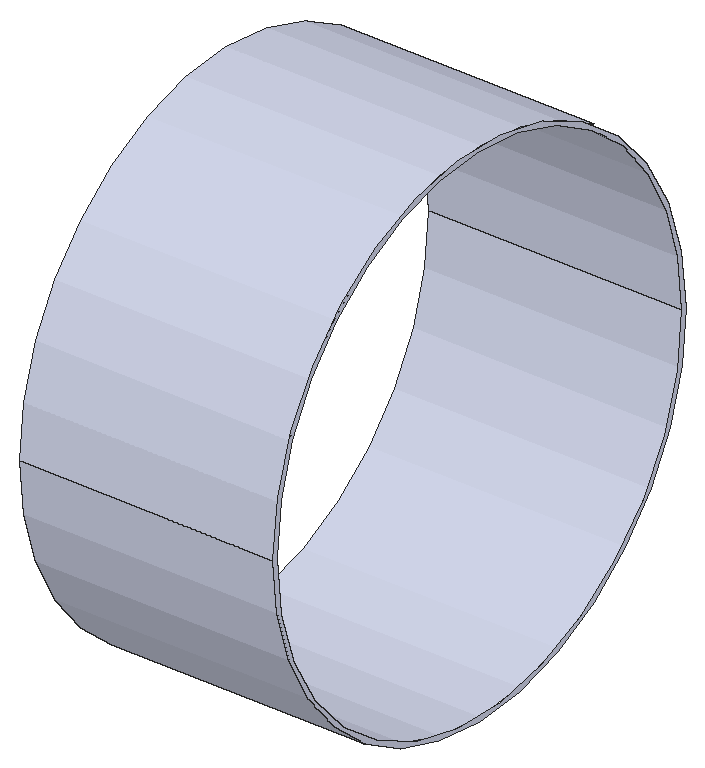
Revit family "VÁLVULAS DE BOLA RADIAL", category Pipe Accessories, Revit 2020
Family settings
  Round Connector Dimension = Use Diameter
  Part Type = Valve - Normal
  Work Plane-Based = No
  Always vertical = Yes
  Cut with Voids When Loaded = No
  Shared = No
Parameters (values of type "VÁLVULAS DE BOLA RADIAL SOLDAR")
  URL = "https://pcpplasticos.co/tienda/valvulas-de-bola-radil-dos-universal/"
  SKU = "3296"
  Manufacturer = "PCP PLASTICOS"
  Imagen = "https://pcpplasticos.co/wp-content/uploads/2018/01/V%C3%A1lvula-Radial-Tecnoplastic-PNG2-e1531852108414.png"
  Email = "servicioalcliente@PCPplasticos.com"
  Description = "VÁLVULAS DE BOLA RADIAL SOLDAR"
  Default Elevation = 0 mm
Reference planes
  plane 1 "Center (Front/Back)": y = 0
  plane 2: z = 0
  plane 3 "Center (Left/Right)": x = 0
Forms (mm)
  Extrusion 1, solid, material "202_209_238(1)"
    sketch origin (0, 0, 0) x (0, 1, 0) y (0, 0, 1)
      loop
        circle (0, 0) r 47.401
      loop
        circle (0, 0) r 46.601
    from -22.434 to 24.066
Dimensions and locks
  aligned and locked: level to plane 2
Connectors
  piping at (86.881, 0, 0), diameter 50.8
    settings: on import instance, index 1, connector inside diameter 609.6 mm, connector length 0 mm, flow factor 0, pipe flow 0.0 L/s, pressure drop 0.0 Pa, fitting loss kfactor 0, connector angle 0.00°, fixture units 0, engagement length 0 mm, angle of deflection 0.00°, flow configuration 0, flow direction 0, fitting loss method 0, system type 7, joint type 0, gender type 0, connector reference index -1, connector utility 0, adjustable connector no, is connector primary yes, connector description ""
  piping at (-86.881, 0, 0), diameter 50.8
    settings: on import instance, index 2, connector inside diameter 609.6 mm, connector length 0 mm, flow factor 0, pipe flow 0.0 L/s, pressure drop 0.0 Pa, fitting loss kfactor 0, connector angle 0.00°, fixture units 0, engagement length 0 mm, angle of deflection 0.00°, flow configuration 0, flow direction 0, fitting loss method 0, system type 7, joint type 0, gender type 0, connector reference index -1, connector utility 0, adjustable connector no, is connector primary no, connector description ""
